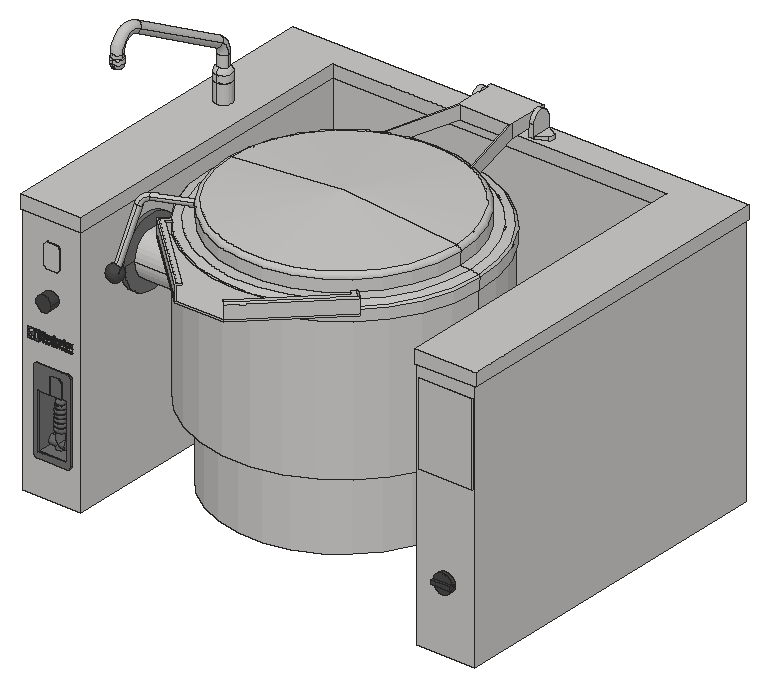
Revit family "QF_ELECTROLUXPROFESSIONAL_586916_PBOT10RCES", category Specialty Equipment, Revit 2018
Family settings
  Round Connector Dimension = Use Radius
  Part Type = Normal
  Work Plane-Based = No
  Always vertical = Yes
  Cut with Voids When Loaded = No
  Shared = Yes
  Room Calculation Point = No
Parameters (values of type "Standard")
  Weight = 210.00 kg
  Watts = 0 W
  Volts = 400 V
  URL Manufacturer = "http://professional.electrolux.com"
  URL = "http://professional.electrolux.com"
  Tilt Clearance [instance] = 1124 mm
  Steam Supply Size = 0"
  Steam Supply Minimum Pressure = 0.00 psi
  Steam Supply Maximum Pressure = 0.00 psi
  Steam Pounds per Hour = 0
  Show Logo [instance] = yes
  Refrigeration Suction Line Size = 0"
  Refrigeration Liquid Line Size = 0"
  Refrigerant Compressor Remote = yes
  Plinth Base Finish [instance] = QF_Finishes_Concrete
  Plinth Base [instance] = not(Base Height = 500 mm)  # yes
  Phase = 3
  Length Actual = 1200 mm  # constant formula
  Item Number = "586916"
  Hot Water Size = 1/2"
  Height Actual = 700 mm  # constant formula
  HP = "24.9 HP"
  Gas Size = 0"
  Gas KW = 0
  Gas Input Pressure = 0.0 Btu/h
  Direct Waste Size = 0"
  Depth Actual = 900 mm  # constant formula
  Cycle = 50 Hz
  Condensate Return Size = 0"
  Compressed Air Volume = 0 GPM
  Compressed Air Size = 0"
  Compressed Air Pressure = 0.00 psi
  Cold Water Size = 1/2"
  Assembly Code = ""
  Open Clearance [instance] = 856 mm
  Model = "PBOT10RCES"
  Manufacturer = "Electrolux Professional"
  Description = "EL. BOILING PAN,PREARR.FOR STIRRER, TILT.,AUTO H/C WATER FILL INLET,SPRAY GUN, 100L,H700FS,D900,REAR CLS KIT,GUID.COOK.S"
  Bracket [instance] = Base Height = 500 mm  # no
  Body Finish [instance] = QF_Finishes_Stainless Steel
  Base Height = 200 mm
  Show Clearance [instance] = yes
  Accessory = yes
Reference planes
  plane 1 "BACK": y = 100
  plane 2: z = 0
  plane 3 "LEFT": x = 0
  plane 4 "RIGHT": x = 1200
  plane 5 "FRONT": y = -800
  plane 6 "TOP": z = 900
  plane 7: z = 200
  plane 8 "Center": x = 600
  plane 9: z = 1756
  plane 10: y = -960
  plane 11 "Vessel X axis": y = -483
  plane 12: x = 280
  plane 13: y = -580
  plane 14: x = 280
  plane 15: through (0, 114.006, 947.95) normal (0, 0.281, -0.9597)
  plane 16: z = 505
  plane 17 "Top Level": z = 981
  plane 18: y = -1024
Forms (mm)
  Extrusion 1, solid, material "QF_Finishes_Stainless Steel" <- "Body Finish"
    sketch origin (0, 0, 900) x (-1, 0, 0) y (0, -1, 0)
      loop
        line (0, -100) -> (0, 800) -> (-160, 800) -> (-160, -31.55) -> (-1040, -31.55) -> (-1040, 800) -> (-1200, 800) -> (-1200, -100) -> (0, -100)
    from -35 to 0
  Extrusion 2, solid, material "QF_Finishes_Stainless Steel" <- "Body Finish"
    sketch origin (0, 0, 900) x (-1, 0, 0) y (0, -1, 0)
      loop
        line (-535, 960) -> (-665, 960) -> (-868.236, 765.434) -> (-847.007, 744.205)
        arc (-847.007, 744.205) -> (-600, 842.5) -> (-352.993, 744.205) r 359.5
        line (-352.993, 744.205) -> (-331.764, 765.434) -> (-535, 960)
    from 1.223 to 5.898
  Revolve 3, solid, material "QF_Finishes_Stainless Steel" <- "Body Finish"
    sketch origin (0, 50.89, 727.5) x (-1, 0, 0) y (0, -1, 0)
      loop
        line (-170, 573.89) -> (-170, 540.89) -> (-157, 540.89) -> (-157, 630.89) -> (-1043, 630.89) -> (-1043, 540.89) -> (-1030, 540.89) -> (-1030, 573.89) -> (-170, 573.89)
      axis (-1043, 630.89) -> (-157, 630.89)
    angle from 0 to 360
  Extrusion 4, solid, material "QF_Finishes_Stainless Steel" <- "Body Finish"
    sketch origin (0, 100, 0) x (1, 0, 0) y (0, 0, 1)
      loop
        circle (1120, 450) r 10
    from 3 to 0
  Extrusion 5, solid, material "QF_Finishes_Stainless Steel" <- "Body Finish"
    sketch origin (600, 0, 0) x (0, 1, 0) y (0, 0, 1)
      loop
        line (89, 900) -> (89, 935.1)
        arc (89, 935.1) -> (65, 959.1) -> (41, 935.1) r 24
        line (41, 935.1) -> (41, 900) -> (89, 900)
    from 69.2 to 82.1
  Revolve 6, solid, material "QF_Finishes_Stainless Steel" <- "Body Finish"
    sketch origin (0, -483, 0) x (-1, 0, 0) y (0, 0, 1)
      loop
        line (-600, 981) -> (-600, 912.336) -> (-291.999, 912.336) -> (-291.999, 943.013)
        arc (-291.999, 943.013) -> (-295.325, 951.663) -> (-303.589, 955.857) r 12.912
        arc (-303.589, 955.857) -> (-451.457, 972.404) -> (-600, 981) r 2774.321
      axis (-600, 981) -> (-600, 912.336)
    angle from 0 to 360
  Sweep 7, solid, material "QF_Finishes_Stainless Steel" <- "Body Finish"
    path in 3D
      loop
        line (665, -960, 905.898) -> (868.236, -765.434, 905.898) -> (847.007, -744.205, 905.898)
    profile origin (766.618, -862.717, 905.898) x (-0.691532, 0.722346, 0) y (0, 0, 1)
      loop
        line (0, 0) -> (2.5, 0) -> (2.5, 35.781)
        arc (2.5, 35.781) -> (3.003, 36.997) -> (4.219, 37.5) r 1.719
        line (4.219, 37.5) -> (15.312, 37.5) -> (15.312, 40) -> (4.052, 40)
        arc (4.052, 40) -> (1.187, 38.813) -> (0, 35.948) r 4.052
        line (0, 35.948) -> (0, 0)
  Extrusion 8, solid, material "QF_Finishes_Stainless Steel" <- "Body Finish"
    sketch origin (0, 100, 0) x (1, 0, 0) y (0, 0, 1)
      loop
        line (157, 865) -> (157, 500) -> (1043, 500) -> (1043, 865) -> (157, 865)
    from 3 to 65.418
  Extrusion 9, solid, material "QF_Finishes_Stainless Steel" <- "Body Finish"
    sketch origin (600, 0, 0) x (0, 1, 0) y (0, 0, 1)
      loop
        line (89, 900) -> (89, 935.1)
        arc (89, 935.1) -> (65, 959.1) -> (41, 935.1) r 24
        line (41, 935.1) -> (41, 900) -> (89, 900)
    from -82.1 to -69.2
  Extrusion 10, solid, material "QF_Finishes_Stainless Steel" <- "Body Finish"
    sketch origin (600, -4572, 981) x (0, -1, 0) y (-1, 0, 0)
      loop
        line (-4551, 64.871) -> (-4315.558, 127.227) -> (-4309.255, 132.754) -> (-4555.565, 69.2) -> (-4661, 69.2) -> (-4661, -69.2) -> (-4555.565, -69.2) -> (-4309.255, -132.754) -> (-4315.558, -127.227) -> (-4551, -64.871) -> (-4551, 64.871)
    from 25.143 to 59.002
  Sweep 11, solid, material "QF_Finishes_Stainless Steel" <- "Body Finish"
    path in 3D
      loop
        line (352.993, -744.205, 905.898) -> (331.764, -765.434, 905.898) -> (535, -960, 905.898)
    profile origin (433.382, -862.717, 905.898) x (0.691532, 0.722346, 0) y (0, 0, 1)
      loop
        line (0, 0) -> (2.5, 0) -> (2.5, 35.781)
        arc (2.5, 35.781) -> (3.003, 36.997) -> (4.219, 37.5) r 1.719
        line (4.219, 37.5) -> (15.313, 37.5) -> (15.313, 40) -> (4.052, 40)
        arc (4.052, 40) -> (1.187, 38.813) -> (0, 35.948) r 4.052
        line (0, 35.948) -> (0, 0)
  Extrusion 12, solid, material "QF_Finishes_Stainless Steel" <- "Body Finish"
    sketch origin (0, 0, 900) x (-1, 0, 0) y (0, -1, 0)
      loop
        arc (-708.472, -55.346) -> (-714.2, -65) -> (-708.472, -74.654) r 11
        line (-708.472, -74.654) -> (-682.1, -89.055) -> (-682.1, -40.945) -> (-708.472, -55.346)
      loop
        line (-491.528, -55.346) -> (-517.9, -40.945) -> (-517.9, -89.055) -> (-491.528, -74.654)
        arc (-491.528, -74.654) -> (-485.8, -65) -> (-491.528, -55.346) r 11
    from 0 to 8
  Revolve 13, solid, material "QF_Finishes_Stainless Steel" <- "Body Finish"
    sketch origin (0, -483, 0) x (-1, 0, 0) y (0, 0, 1)
      loop
        line (-600, 910.898) -> (-600, 280.154)
        arc (-600, 280.154) -> (-445.668, 285.184) -> (-291.5, 293.903) r 6458.267
        line (-291.5, 293.903) -> (-291.5, 495) -> (-245.5, 495) -> (-245.5, 870.866) -> (-240.5, 870.866) -> (-240.5, 899.23) -> (-244.882, 905.093) -> (-265.728, 910.898) -> (-600, 910.898)
      axis (-600, 910.898) -> (-600, 280.154)
    angle from 0 to 360
  Extrusion 14, solid, material "QF_Finishes_Stainless Steel" <- "Body Finish"
    sketch origin (1100, -797, 0) x (-1, 0, 0) y (0, 0, -1)
      loop
        line (50, -833.989) -> (50, -618.989) -> (-91.535, -618.989) -> (-91.535, -833.989) -> (50, -833.989)
      loop
        line (1029.661, -812.084) -> (1036.975, -804.77) -> (1036.975, -754.399) -> (1029.661, -747.084) -> (1004.29, -747.084) -> (996.975, -754.399) -> (996.975, -804.77) -> (1004.29, -812.084) -> (1029.661, -812.084)
    from 0 to 3
  Extrusion 15, solid, material "QF_Finishes_Black"
    sketch origin (1200, -797, -30) x (-1, 0, 0) y (0, 0, -1)
      loop
        circle (80.286, -405.28) r 25
    from 0 to 10.306
  Extrusion 16, solid, material "QF_Finishes_Black"
    sketch origin (1200, -797, -30) x (-1, 0, 0) y (0, 0, -1)
      loop
        arc (104.667, -410.806) -> (105.286, -405.28) -> (104.667, -399.753) r 25
        line (104.667, -399.753) -> (55.904, -399.753)
        arc (55.904, -399.753) -> (55.286, -405.28) -> (55.904, -410.806) r 25
        line (55.904, -410.806) -> (104.667, -410.806)
    from 0 to 18.276
  Extrusion 17, solid, material "QF_Finishes_Black"
    sketch origin (160, -797, 0) x (-1, 0, 0) y (0, 0, -1)
      loop
        circle (80.781, -678.5) r 20
    from 0 to 25
  Extrusion 18, solid, material "QF_Finishes_Stainless Steel" <- "Body Finish", visible <- "Bracket"
    sketch origin (0, 37, -14) x (0, 1, 0) y (0, 0, 1)
      loop
        line (60, 514) -> (-140, 514) -> (-140, 450) -> (-76.36, 386.36) -> (60, 386.36) -> (60, 514)
    from 25.741 to 134.773
  Extrusion 19, solid, material "QF_Finishes_Stainless Steel" <- "Body Finish", visible <- "Bracket"
    sketch origin (1200, 0, 0) x (0, 1, 0) y (0, 0, 1)
      loop
        line (97, 372.36) -> (97, 500) -> (-103, 500) -> (-103, 436) -> (-39.36, 372.36) -> (97, 372.36)
    from -133.886 to -23.363
  Extrusion 20, solid, material "QF_Finishes_Stainless Steel" <- "Body Finish"
    sketch origin (0, 100, 0) x (1, 0, 0) y (0, 0, 1)
      loop
        circle (50, 395) r 6.35
      loop
        circle (110.571, 395) r 6.35
    from 3 to 0
  Revolve 21, solid, material "QF_Finishes_Clearance", visible <- "Show Clearance", detail levels coarse
    sketch origin (600, 10.879, 0.726) x (0, 0.999996, 0.002845) y (0, -0.002845, 0.999996)
      loop
        line (-92.205, 1448.437) -> (-181.256, 1755.797) -> (-205.268, 1748.84) -> (-116.218, 1441.48) -> (-92.205, 1448.437)
      axis (-92.205, 1448.437) -> (-116.218, 1441.48)
    angle from 0 to 360
  Extrusion 22, solid, material "QF_Finishes_Stainless Steel" <- "Body Finish"
    sketch origin (0, 0, 0) x (1, 0, 0) y (0, 1, 0)
      loop
        line (157, 97) -> (3, 97) -> (3, -797) -> (157, -797) -> (157, 97)
      loop
        line (1197, 97) -> (1043, 97) -> (1043, -797) -> (1197, -797) -> (1197, 97)
    from 200 to 865
  Extrusion 23, solid, material "Navy Blue", visible <- "Show Logo"
    sketch origin (160, -797, 0) x (-1, 0, 0) y (0, 0, -1)
      loop
        line (101.332, -593.18) -> (109.793, -593.18) -> (109.793, -583.327)
        arc (109.793, -583.327) -> (108.679, -580.639) -> (105.991, -579.525) r 3.802
        line (105.991, -579.525) -> (101.168, -579.525) -> (101.168, -581.736) -> (105.441, -581.736)
        arc (105.441, -581.736) -> (106.845, -582.21) -> (107.442, -583.566) r 1.838
        line (107.442, -583.566) -> (107.442, -585.52) -> (101.698, -585.52) -> (101.698, -587.738) -> (107.442, -587.738) -> (107.442, -590.968) -> (101.332, -590.968) -> (101.332, -593.18)
      loop
        line (99.498, -593.18) -> (99.498, -579.525) -> (97.146, -579.525) -> (97.146, -593.18) -> (99.498, -593.18)
      loop
        line (48.417, -593.18) -> (48.417, -579.525) -> (46.064, -579.525) -> (46.064, -593.18) -> (48.417, -593.18)
      loop
        line (93.257, -583.886) -> (85.539, -583.886)
        arc (85.539, -583.886) -> (86.746, -588.126) -> (90.874, -589.672) r 4.89
        arc (90.874, -589.672) -> (94.51, -587.828) -> (95.548, -583.886) r 4.976
        arc (95.548, -583.886) -> (94.182, -580.589) -> (90.886, -579.224) r 4.662
        arc (90.886, -579.224) -> (88.32, -579.602) -> (86.169, -581.05) r 5.86
        line (86.169, -581.05) -> (87.562, -582.444)
        arc (87.562, -582.444) -> (89.391, -581.347) -> (91.516, -581.531) r 3.458
        arc (91.516, -581.531) -> (92.812, -582.394) -> (93.257, -583.886) r 2.29
      loop
        line (93.198, -585.539) -> (87.902, -585.539)
        arc (87.902, -585.539) -> (88.645, -587.103) -> (90.278, -587.679) r 2.256
        arc (90.278, -587.679) -> (92.162, -587.188) -> (93.198, -585.539) r 2.64
      loop
        line (76.371, -586.524) -> (74.894, -588)
        arc (74.894, -588) -> (76.746, -589.341) -> (78.997, -589.742) r 5.117
        arc (78.997, -589.742) -> (82.429, -588.487) -> (84.231, -585.308) r 5.293
        arc (84.231, -585.308) -> (81.194, -579.733) -> (74.977, -581.018) r 5.33
        line (74.977, -581.018) -> (76.446, -582.487)
        arc (76.446, -582.487) -> (79.616, -581.438) -> (81.887, -583.886) r 3.088
        arc (81.887, -583.886) -> (81.729, -585.821) -> (80.396, -587.234) r 2.933
        arc (80.396, -587.234) -> (78.264, -587.559) -> (76.371, -586.524) r 3.369
      loop
        line (73.45, -593.18) -> (73.45, -583.849)
        arc (73.45, -583.849) -> (73.246, -582.449) -> (72.722, -581.135) r 6.031
        arc (72.722, -581.135) -> (71.044, -579.8) -> (68.918, -579.519) r 4.018
        line (68.918, -579.519) -> (68.918, -581.723)
        arc (68.918, -581.723) -> (69.55, -581.771) -> (70.139, -582.005) r 2.118
        arc (70.139, -582.005) -> (70.895, -582.804) -> (71.098, -583.886) r 1.949
        line (71.098, -583.886) -> (71.098, -587.265) -> (68.962, -587.265) -> (68.962, -589.401) -> (71.098, -589.401) -> (71.098, -593.18) -> (73.45, -593.18)
      loop
        arc (64.65, -584.717) -> (64.482, -585.701) -> (63.997, -586.574) r 2.967
        arc (63.997, -586.574) -> (62.588, -587.297) -> (61.004, -587.265) r 3.231
        line (61.004, -587.265) -> (61.004, -589.525)
        arc (61.004, -589.525) -> (63.073, -589.33) -> (64.65, -587.977) r 3.432
        line (64.65, -587.977) -> (64.65, -589.401) -> (66.983, -589.401) -> (66.983, -579.525) -> (64.65, -579.525) -> (64.65, -584.717)
      loop
        circle (55.254, -584.461) r 5.233
      loop
        circle (55.254, -584.461) r 3.172
      loop
        arc (37.582, -583.638) -> (38.162, -582.041) -> (39.738, -581.405) r 2.088
        arc (39.738, -581.405) -> (41.313, -582.041) -> (41.894, -583.638) r 2.088
        line (41.894, -583.638) -> (41.894, -589.401) -> (44.266, -589.401) -> (44.266, -583.442)
        arc (44.266, -583.442) -> (42.916, -580.365) -> (39.738, -579.275) r 4.181
        arc (39.738, -579.275) -> (36.524, -580.398) -> (35.211, -583.539) r 4.181
        line (35.211, -583.539) -> (35.211, -589.401) -> (37.582, -589.401) -> (37.582, -583.638)
      loop
        line (33.789, -589.401) -> (30.374, -584.764) -> (34.126, -579.522) -> (31.598, -579.522) -> (29.107, -583.001) -> (26.58, -579.522) -> (24.068, -579.522) -> (27.767, -584.817) -> (24.385, -589.401) -> (26.952, -589.401) -> (29.115, -586.469) -> (31.245, -589.401) -> (33.789, -589.401)
      loop
        line (108.47, -573.865) -> (110.346, -573.865) -> (110.346, -569.143) -> (109.319, -569.143) -> (109.319, -570.769) -> (108.185, -570.769)
        arc (108.185, -570.769) -> (106.916, -572.447) -> (108.47, -573.865) r 1.561
      loop
        arc (108.23, -571.697) -> (107.841, -572.304) -> (108.23, -572.911) r 0.668
        line (108.23, -572.911) -> (109.319, -572.911) -> (109.319, -571.697) -> (108.23, -571.697)
      loop
        line (101.061, -573.865) -> (102.968, -573.865) -> (102.968, -569.143) -> (101.942, -569.143) -> (101.942, -570.769) -> (100.949, -570.769) -> (100.27, -569.143) -> (99.168, -569.143) -> (100.097, -571.134)
        arc (100.097, -571.134) -> (99.652, -571.665) -> (99.502, -572.343) r 1.458
        arc (99.502, -572.343) -> (99.971, -573.421) -> (101.061, -573.865) r 1.559
      loop
        line (101.942, -572.911) -> (101.942, -571.697) -> (100.852, -571.697)
        arc (100.852, -571.697) -> (100.464, -572.304) -> (100.852, -572.911) r 0.668
        line (100.852, -572.911) -> (101.942, -572.911)
      loop
        circle (93.139, -571.504) r 2.453
      loop
        circle (93.139, -571.504) r 1.557
      loop
        line (86.655, -573.865) -> (86.655, -569.143) -> (85.654, -569.143) -> (85.654, -570.793) -> (83.876, -570.793) -> (83.876, -571.851) -> (85.654, -571.851) -> (85.654, -572.847) -> (83.706, -572.847) -> (83.706, -573.865) -> (86.655, -573.865)
      loop
        line (79.724, -573.865) -> (79.724, -570.677)
        arc (79.724, -570.677) -> (79.288, -569.596) -> (78.213, -569.146) r 1.51
        line (78.213, -569.146) -> (76.689, -569.146) -> (76.689, -570.038) -> (78.122, -570.038)
        arc (78.122, -570.038) -> (78.65, -570.475) -> (78.753, -571.151) r 0.961
        line (78.753, -571.151) -> (76.866, -571.151) -> (76.866, -572.043) -> (78.753, -572.043) -> (78.753, -572.973) -> (76.735, -572.973) -> (76.735, -573.865) -> (79.724, -573.865)
      loop
        arc (62.624, -573.267) -> (63.249, -573.78) -> (64.041, -573.943) r 1.69
        arc (64.041, -573.943) -> (64.773, -573.764) -> (65.374, -573.31) r 1.872
        arc (65.374, -573.31) -> (65.486, -572.238) -> (64.794, -571.411) r 1.385
        arc (64.794, -571.411) -> (64.212, -571.217) -> (63.66, -570.95) r 4.78
        arc (63.66, -570.95) -> (63.312, -570.539) -> (63.552, -570.057) r 0.489
        arc (63.552, -570.057) -> (63.998, -569.952) -> (64.442, -570.065) r 0.963
        arc (64.442, -570.065) -> (64.826, -570.341) -> (65.061, -570.752) r 1.118
        line (65.061, -570.752) -> (65.887, -570.367)
        arc (65.887, -570.367) -> (65.589, -569.793) -> (65.11, -569.36) r 1.815
        arc (65.11, -569.36) -> (64.566, -569.127) -> (63.978, -569.068) r 1.957
        arc (63.978, -569.068) -> (63.25, -569.213) -> (62.595, -569.561) r 2.556
        arc (62.595, -569.561) -> (62.305, -570.331) -> (62.455, -571.139) r 1.535
        arc (62.455, -571.139) -> (62.778, -571.512) -> (63.19, -571.781) r 1.779
        arc (63.19, -571.781) -> (63.712, -572.014) -> (64.248, -572.215) r 9.371
        arc (64.248, -572.215) -> (64.557, -572.696) -> (64.11, -573.053) r 0.427
        arc (64.11, -573.053) -> (63.575, -572.924) -> (63.163, -572.558) r 1.135
        line (63.163, -572.558) -> (62.624, -573.267)
      loop
        line (58.291, -573.865) -> (58.291, -569.146) -> (57.321, -569.146) -> (57.321, -573.865) -> (58.291, -573.865)
      loop
        circle (50.779, -571.506) r 1.468
      loop
        circle (50.779, -571.506) r 2.451
      loop
        line (44.27, -569.146) -> (43.289, -569.146) -> (43.289, -572.113) -> (41.131, -569.146) -> (40.187, -569.146) -> (40.187, -573.865) -> (41.168, -573.865) -> (41.168, -570.808) -> (43.326, -573.865) -> (44.27, -573.865) -> (44.27, -569.146)
      loop
        line (35.295, -569.146) -> (34.836, -570.164) -> (33.09, -570.164) -> (32.631, -569.146) -> (31.588, -569.146) -> (33.581, -573.865) -> (34.491, -573.865) -> (36.337, -569.146) -> (35.295, -569.146)
      loop
        line (33.526, -571.132) -> (33.993, -572.169) -> (34.447, -571.132) -> (33.526, -571.132)
      loop
        line (26.769, -570.038) -> (26.769, -573.865) -> (27.739, -573.865) -> (27.739, -569.146) -> (24.954, -569.146) -> (24.954, -570.038) -> (26.769, -570.038)
      loop
        arc (69.698, -573.267) -> (70.324, -573.78) -> (71.116, -573.943) r 1.69
        arc (71.116, -573.943) -> (71.847, -573.764) -> (72.449, -573.31) r 1.872
        arc (72.449, -573.31) -> (72.56, -572.238) -> (71.868, -571.411) r 1.385
        arc (71.868, -571.411) -> (71.287, -571.217) -> (70.735, -570.95) r 4.78
        arc (70.735, -570.95) -> (70.386, -570.539) -> (70.627, -570.057) r 0.489
        arc (70.627, -570.057) -> (71.073, -569.952) -> (71.517, -570.065) r 0.963
        arc (71.517, -570.065) -> (71.901, -570.341) -> (72.136, -570.752) r 1.118
        line (72.136, -570.752) -> (72.961, -570.367)
        arc (72.961, -570.367) -> (72.664, -569.793) -> (72.184, -569.36) r 1.815
        arc (72.184, -569.36) -> (71.64, -569.127) -> (71.052, -569.068) r 1.957
        arc (71.052, -569.068) -> (70.325, -569.213) -> (69.669, -569.561) r 2.556
        arc (69.669, -569.561) -> (69.38, -570.331) -> (69.529, -571.139) r 1.535
        arc (69.529, -571.139) -> (69.852, -571.512) -> (70.265, -571.781) r 1.779
        arc (70.265, -571.781) -> (70.787, -572.014) -> (71.322, -572.215) r 9.371
        arc (71.322, -572.215) -> (71.632, -572.696) -> (71.185, -573.053) r 0.427
        arc (71.185, -573.053) -> (70.649, -572.924) -> (70.238, -572.558) r 1.135
        line (70.238, -572.558) -> (69.698, -573.267)
      loop
        line (124.467, -593.367) -> (124.467, -568.534)
        arc (124.467, -568.534) -> (115.287, -580.95) -> (124.467, -593.367) r 12.987
      loop
        arc (125.423, -593.446) -> (135.891, -591.227) -> (141.022, -581.837) r 12.809
        line (141.022, -581.837) -> (135.422, -581.837)
        arc (135.422, -581.837) -> (128.84, -585.012) -> (125.423, -591.472) r 11.707
        line (125.423, -591.472) -> (125.423, -593.446)
      loop
        arc (125.73, -570.332) -> (129.585, -577.251) -> (136.925, -580.23) r 11.93
        line (136.925, -580.23) -> (141.033, -580.23)
        arc (141.033, -580.23) -> (136.066, -570.804) -> (125.73, -568.215) r 13.06
        line (125.73, -568.215) -> (125.73, -570.332)
      loop
        line (141.976, -594.722) -> (141.976, -567.122) -> (114.339, -567.122) -> (114.339, -594.722) -> (141.976, -594.722)
    from 0 to 0.697
  Extrusion 24, void
    sketch origin (0, -800, 0) x (1, 0, 0) y (0, 0, 1)
      loop
        line (125.4, 500.944) -> (43.4, 500.944) -> (43.4, 305.944) -> (125.4, 305.944) -> (125.4, 500.944)
    from 0 to -63
Cuts and joins
  joined: Revolve 6, Extrusion 10
  Extrusion 24 cuts Extrusion 22
Lines and regions (mm)
  Split face 1
    outline origin (1100, -800, 0) x (-1, 0, 0) y (0, 0, -1)
      loop
        line (44.321, -826.533) -> (44.321, -691.533) -> (-84.715, -691.533) -> (-84.715, -826.533) -> (44.321, -826.533)
  Split face 2
    outline origin (1100, -800, 0) x (-1, 0, 0) y (0, 0, -1)
      loop
        line (44.321, -691.533) -> (44.321, -625.535) -> (-84.715, -625.535) -> (-84.715, -691.533) -> (44.321, -691.533)
  Split face 3
    outline origin (1100, -800, 0) x (-1, 0, 0) y (0, 0, -1)
      loop
        line (35.153, -818.972) -> (35.153, -698.972) -> (-73.882, -698.972) -> (-73.882, -818.972) -> (35.153, -818.972)
  Split face 4
    outline origin (1100, -800, 0) x (-1, 0, 0) y (0, 0, -1)
      loop
        line (1029.036, -812.084) -> (1036.35, -804.77) -> (1036.35, -754.399) -> (1029.036, -747.084) -> (1029.036, -812.084)
  Split face 5
    outline origin (-933.951, -800, 0) x (1, 0, 0) y (0, 0, 1)
      loop
        line (1029.036, 812.084) -> (1029.036, 747.084) -> (1036.35, 754.399) -> (1036.35, 804.77) -> (1029.036, 812.084)
  sketch lines
    curve 1: line (665, -960, 905.898) -> (868.236, -765.434, 905.898)
    curve 2: line (868.236, -765.434, 905.898) -> (847.007, -744.205, 905.898)
    curve 3: line (331.764, -765.434, 905.898) -> (535, -960, 905.898)
    curve 4: line (352.993, -744.205, 905.898) -> (331.764, -765.434, 905.898)
  symbolic lines
    curve 5: line (170, -490, 0) -> (160, -490, 0)
    curve 6: line (170, -490, 0) -> (170, -670, 0)
    curve 7: line (170, -670, 0) -> (160, -670, 0)
    curve 8: line (1030, -490, 0) -> (1040, -490, 0)
    curve 9: line (1030, -490, 0) -> (1030, -670, 0)
    curve 10: line (1030, -670, 0) -> (1040, -670, 0)
    curve 11: line (1030, -523.539, 0) -> (957.207, -523.539, 0)
    curve 12: line (1030, -636.461, 0) -> (925.1, -636.461, 0)
    curve 13: line (170, -523.539, 0) -> (242.793, -523.539, 0)
    curve 14: line (170, -636.461, 0) -> (274.9, -636.461, 0)
    curve 15: line (160, -800, 0) -> (160, 31.55, 0)
    curve 16: line (0, -800, 0) -> (160, -800, 0)
    curve 17: line (0, 100, 0) -> (0, -800, 0)
    curve 18: line (160, 31.55, 0) -> (530.8, 31.55, 0)
    curve 19: line (1200, 100, 0) -> (0, 100, 0)
    curve 20: line (1040, 31.55, 0) -> (1040, -800, 0)
    curve 21: line (1200, -800, 0) -> (1200, 100, 0)
    curve 22: line (1040, -800, 0) -> (1200, -800, 0)
    curve 23: circle (600, -483, 0) r 359.5 normal (0, 0, 1)
    curve 24: line (669.2, 31.55, 0) -> (1040, 31.55, 0)
    curve 25: line (545.589, -948.939, 0) -> (353.658, -765.195, 0)
    curve 26: line (353.658, -765.195, 0) -> (364.355, -754.499, 0)
    curve 27: line (535, -960, 0) -> (545.589, -948.939, 0)
    curve 28: line (665, -960, 0) -> (654.411, -948.939, 0)
    curve 29: line (846.342, -765.195, 0) -> (654.411, -948.939, 0)
    curve 30: line (835.645, -754.499, 0) -> (846.342, -765.195, 0)
  model lines, style "QF-Clearances", visible <- "Show Clearance", detail levels coarse
    curve 31: arc (600, -960, 954.089) -> (600, -1008.605, 614.371) -> (600, -800, 341.874) r 443
  symbolic lines, style "QF-Clearances", visible <- "Show Clearance", detail levels coarse
    curve 32: line (350, -450, 0) -> (850, -450, 0)
    curve 33: line (350, -1650, 0) -> (350, -450, 0)
    curve 34: line (850, -1650, 0) -> (350, -1650, 0)
    curve 35: line (850, -450, 0) -> (850, -1650, 0)
    curve 36: line (650, -1650, 0) -> (850, -1050, 0)
    curve 37: line (550, -1650, 0) -> (350, -1050, 0)
    curve 38: circle (600, -1600, 0) r 25 normal (0, 0, 1)
Dimensions and locks
  plane 3 "LEFT" to plane 4 "RIGHT" = 1200 mm
  plane 4 "RIGHT" to plane 3 "LEFT" = 1200 mm
  plane 1 "BACK" to plane 5 "FRONT" = 900 mm
  plane 5 "FRONT" to plane 1 "BACK" = 900 mm
  "Base Height": plane 7 to level
  equal spacing: plane 3 "LEFT", plane 8 "Center", plane 4 "RIGHT"
  "Open Clearance": plane 9 to plane 6 "TOP"
  locked: Extrusion 8 sketch curve to Extrusion 8 sketch curve at 365
  plane 4 "RIGHT" to Extrusion 4 sketch curve = 80 mm
  plane 6 "TOP" to Extrusion 4 sketch curve = 450 mm
  locked: Extrusion 2 sketch curve to Extrusion 2 sketch curve at 30.022  (x2)
  equal spacing: Extrusion 10 sketch curve, plane 8 "Center", Extrusion 10 sketch curve
  locked: Extrusion 10 sketch curve to Extrusion 10 sketch curve at 138.4
  Extrusion 10 sketch curve to Extrusion 10 sketch curve to plane 1 "BACK" = 110 mm locked, 11 mm locked
  plane 11 "Vessel X axis" to Revolve 3 sketch curve = 97 mm
  Revolve 3 sketch curve to Revolve 3 sketch curve to Revolve 3 sketch curve to Revolve 3 sketch curve = 33 mm locked, 57 mm locked, 0 mm locked
  plane 11 "Vessel X axis" to plane 13 = 97 mm
  equal spacing: curve 5, plane 13, curve 7
  locked: curve 5 to curve 7 at 180
  equal spacing: curve 11, plane 13, curve 12
  locked: curve 11 to curve 12 at 112.922
  plane 14 to plane 8 "Center" = 320 mm
  Revolve 13 sketch curve to Revolve 13 sketch curve to Revolve 13 sketch curve to Revolve 13 sketch curve to plane 14 = 4.382 mm locked, 0.618 mm locked, 20.228 mm locked, 14.272 mm locked
  plane 12 to plane 8 "Center" = 320 mm
  Revolve 6 sketch curve to Revolve 6 sketch curve to plane 12 = 11.59 mm locked, 11.999 mm locked
  Extrusion 16 sketch curve to Extrusion 16 sketch curve = 11.053 mm
  Extrusion 18 sketch curve to Extrusion 18 sketch curve to Extrusion 18 sketch curve = 64 mm locked, 63.64 mm locked
  Extrusion 19 sketch curve to Extrusion 19 sketch curve to Extrusion 19 sketch curve = 64 mm locked, 63.64 mm locked
  plane 6 "TOP" to Extrusion 14 sketch curve to Extrusion 14 sketch curve = 66.011 mm locked, 215 mm locked
  plane 6 "TOP" to Extrusion 14 sketch curve to Extrusion 14 sketch curve to Extrusion 14 sketch curve to Extrusion 14 sketch curve = 87.916 mm locked, 7.315 mm locked, 50.371 mm, 7.315 mm locked
  plane 6 "TOP" to level = 900 mm
  locked: level to Extrusion 18 sketch curve at 372.36
  locked: Extrusion 19 sketch curve to level at 372.36
  locked: Extrusion 15 sketch curve to level at 375.28
  locked: Extrusion 16 sketch curve to level at 369.753
  locked: Extrusion 20 sketch curve to level at 395
  Extrusion 10 sketch curve to Extrusion 10 sketch curve to plane 11 "Vessel X axis" = 6.303 mm, 220.255 mm
  Extrusion 10 sketch curve to Extrusion 10 sketch curve to plane 11 "Vessel X axis" = 6.303 mm locked, 220.255 mm locked
  Revolve 21 sketch curve to Revolve 21 sketch curve = 320 mm
  locked: Extrusion 1 to Revolve 21 sketch curve at 23.726
  plane 11 "Vessel X axis" to plane 1 "BACK" = 583 mm
  plane 10 to plane 1 "BACK" = 1060 mm
  plane 16 to Revolve 13 sketch curve to Revolve 13 sketch curve to Revolve 13 sketch curve = 10 mm locked, 201.097 mm locked, 13.748 mm locked
  plane 17 "Top Level" to Revolve 6 sketch curve to Revolve 6 sketch curve to Revolve 6 sketch curve = 25.143 mm locked, 12.844 mm locked, 30.677 mm locked
  plane 17 "Top Level" to Revolve 13 sketch curve to Revolve 13 sketch curve to Revolve 13 sketch curve to Revolve 13 sketch curve = 70.102 mm locked, 5.805 mm locked, 5.863 mm locked, 28.364 mm locked
  plane 6 "TOP" to plane 16 = 395 mm
  plane 17 "Top Level" to nested 1 = 45.299 mm
  plane 17 "Top Level" to Extrusion 2 to Extrusion 2 = 75.102 mm locked, 4.675 mm locked
  plane 17 "Top Level" to plane 6 "TOP" = 81 mm
  locked: Extrusion 5 sketch curve to plane 17 "Top Level" at 45.9
  locked: Extrusion 9 sketch curve to plane 17 "Top Level" at 45.9
  plane 11 "Vessel X axis" to nested 1 = 320 mm
  "Tilt Clearance": plane 18 to plane 1 "BACK"
  locked: curve 31 to plane 17 "Top Level" at 26.911
  locked: curve 32 to plane 1 "BACK" at 550
  locked: plane 1 "BACK" to curve 34 at 1750
  equal spacing: curve 33, plane 8 "Center", curve 35
  locked: curve 33 to curve 35 at 500
  angle plane 9 to Revolve 21 sketch curve = 16.3208°
  aligned and locked: level to plane 2
  aligned and locked: Extrusion 8 to Extrusion 1
  aligned and locked: plane 10 to Extrusion 2 sketch curve
  aligned and locked: plane 8 "Center" to Revolve 6 sketch curve  (x2)
  aligned and locked: Revolve 3 sketch curve to Revolve 3 sketch curve
  aligned and locked: Revolve 3 to Revolve 3  (x2)
  aligned and locked: curve 15 to Extrusion 1
  aligned and locked: curve 6 to Revolve 3
  aligned and locked: curve 20 to Extrusion 1
  aligned and locked: curve 9 to Revolve 3
  aligned and locked: curve 12 to curve 14
  aligned and locked: curve 11 to curve 13
  aligned and locked: curve 5 to curve 8
  aligned and locked: curve 7 to curve 10
  aligned and locked: curve 23 to Revolve 13
  aligned and locked: Extrusion 2 sketch curve to Revolve 13
  aligned and locked: curve 25 to Sweep 11
  aligned and locked: curve 26 to Sweep 11
  aligned and locked: curve 27 to Sweep 11
  aligned and locked: curve 28 to Sweep 7
  aligned and locked: curve 29 to Sweep 7
  aligned and locked: curve 30 to Sweep 7
  aligned and locked: plane 17 "Top Level" to Revolve 6 sketch curve
  aligned and locked: plane 5 "FRONT" to curve 31
  aligned and locked: plane 10 to curve 31
Automatic sketch dimensions
  curve 31 to plane 13 = 0 mm
  curve 31 to plane 6 "TOP" = 173.615 mm
  plane 8 "Center" to Extrusion 2 sketch curve = 65 mm
  Extrusion 2 sketch curve to plane 5 "FRONT" = 55.795 mm  (x2)
  Extrusion 2 sketch curve to plane 5 "FRONT" = 34.566 mm  (x2)
  Extrusion 2 sketch curve to plane 8 "Center" = 65 mm
  Extrusion 5 sketch curve to plane 6 "TOP" = 0 mm
  plane 1 "BACK" to Extrusion 5 sketch curve = 59 mm
  Extrusion 5 sketch curve to Extrusion 5 sketch curve = 24 mm
  Extrusion 9 sketch curve to plane 6 "TOP" = 0 mm
  plane 1 "BACK" to Extrusion 9 sketch curve = 59 mm
  Extrusion 9 sketch curve to Extrusion 9 sketch curve = 24 mm
  Extrusion 10 sketch curve to Extrusion 10 sketch curve = 4.565 mm  (x2)
  Extrusion 10 sketch curve to plane 8 "Center" = 127.227 mm
  Extrusion 10 sketch curve to Extrusion 10 sketch curve = 5.527 mm  (x2)
  Extrusion 10 sketch curve to Extrusion 10 sketch curve = 4.329 mm  (x2)
  plane 8 "Center" to Extrusion 10 sketch curve = 127.227 mm
  plane 1 "BACK" to Extrusion 12 sketch curve = 44.654 mm  (x2)
  plane 8 "Center" to Extrusion 12 sketch curve = 108.472 mm
  plane 1 "BACK" to Extrusion 12 sketch curve = 25.346 mm  (x2)
  Extrusion 12 sketch curve to Extrusion 12 sketch curve = 0 mm
  Extrusion 12 sketch curve to Extrusion 12 sketch curve = 5.272 mm  (x3)
  Extrusion 12 sketch curve to Extrusion 12 sketch curve = 26.372 mm
  plane 1 "BACK" to Extrusion 12 sketch curve = 10.945 mm  (x2)
  Extrusion 12 sketch curve to plane 8 "Center" = 82.1 mm
  Extrusion 12 sketch curve to Extrusion 12 sketch curve = 21.1 mm
  Extrusion 12 sketch curve to Extrusion 12 sketch curve = 14.4 mm  (x2)
  Revolve 13 sketch curve to plane 8 "Center" = 0 mm  (x2)
  plane 8 "Center" to Revolve 13 sketch curve = 133.193 mm
  Revolve 13 sketch curve to Revolve 13 sketch curve = 46 mm
  Revolve 13 sketch curve to Revolve 13 sketch curve = 10.857 mm
  Revolve 13 sketch curve to Revolve 13 sketch curve = 35 mm
  Extrusion 15 sketch curve to plane 4 "RIGHT" = 80.286 mm
  Extrusion 16 sketch curve to Extrusion 16 sketch curve = 0 mm  (x3)
  Extrusion 16 sketch curve to plane 4 "RIGHT" = 55.904 mm
  Extrusion 16 sketch curve to Extrusion 16 sketch curve = 24.382 mm  (x2)
  plane 1 "BACK" to Extrusion 18 sketch curve = 203 mm
  Extrusion 18 sketch curve to Extrusion 18 sketch curve = 63.64 mm
  plane 1 "BACK" to Extrusion 18 sketch curve = 3 mm
  plane 1 "BACK" to Extrusion 19 sketch curve = 203 mm
  Extrusion 19 sketch curve to Extrusion 19 sketch curve = 63.64 mm
  plane 1 "BACK" to Extrusion 19 sketch curve = 3 mm
  plane 10 to curve 27 = 0 mm
  curve 38 to plane 8 "Center" = 0 mm
  plane 10 to curve 28 = 0 mm
  curve 22 to plane 4 "RIGHT" = 0 mm
  plane 5 "FRONT" to curve 20 = 0 mm
  plane 5 "FRONT" to curve 17 = 0 mm
  plane 1 "BACK" to curve 19 = 0 mm
  curve 36 to curve 38 = 50 mm
  plane 1 "BACK" to curve 15 = 68.45 mm
  plane 1 "BACK" to curve 20 = 68.45 mm
  curve 18 to plane 8 "Center" = 69.2 mm
  curve 37 to plane 8 "Center" = 50 mm
  plane 8 "Center" to curve 36 = 50 mm
  plane 8 "Center" to curve 24 = 69.2 mm
  plane 18 to curve 37 = 26 mm
  plane 18 to curve 36 = 26 mm
  Extrusion 1 sketch curve to plane 4 "RIGHT" = 0 mm
  plane 5 "FRONT" to Extrusion 1 sketch curve = 0 mm  (x2)
  Extrusion 1 sketch curve to plane 3 "LEFT" = 0 mm
  plane 1 "BACK" to Extrusion 1 sketch curve = 0 mm
  Extrusion 1 sketch curve to plane 4 "RIGHT" = 160 mm
  plane 1 "BACK" to Extrusion 1 sketch curve = 68.45 mm
  plane 3 "LEFT" to Extrusion 1 sketch curve = 160 mm
  Revolve 3 sketch curve to plane 4 "RIGHT" = 157 mm
  Revolve 3 sketch curve to Revolve 3 sketch curve = 13 mm  (x2)
  plane 3 "LEFT" to Revolve 3 sketch curve = 170 mm
  Revolve 3 sketch curve to Revolve 3 sketch curve = 3 mm
  Revolve 3 sketch curve to Revolve 3 sketch curve = 27 mm
  plane 8 "Center" to Revolve 6 sketch curve = 85.945 mm
  plane 7 to Revolve 6 sketch curve = 208.515 mm
  Revolve 6 sketch curve to plane 6 "TOP" = 21.485 mm
  Sweep 7 sketch curve to profile plane = 0 mm
  profile plane to Sweep 7 sketch curve = 0 mm
  Sweep 7 sketch curve to profile plane = 2.5 mm
  Sweep 7 sketch curve to profile plane = 4.052 mm
  Sweep 7 sketch curve to Sweep 7 sketch curve = 0.167 mm  (x2)
  Sweep 7 sketch curve to Sweep 7 sketch curve = 11.093 mm
  profile plane to Sweep 7 sketch curve = 35.781 mm
  plane 3 "LEFT" to Extrusion 8 sketch curve = 157 mm
  Extrusion 8 sketch curve to plane 4 "RIGHT" = 157 mm
  plane 7 to Extrusion 8 sketch curve = 300 mm
  Sweep 11 sketch curve to profile plane = 0 mm  (x2)
  Sweep 11 sketch curve to Sweep 11 sketch curve = 2.5 mm
  Sweep 11 sketch curve to profile plane = 4.052 mm
  Sweep 11 sketch curve to Sweep 11 sketch curve = 0.167 mm  (x2)
  Sweep 11 sketch curve to Sweep 11 sketch curve = 11.093 mm
  profile plane to Sweep 11 sketch curve = 35.781 mm
  Extrusion 14 sketch curve to plane 4 "RIGHT" = 8.465 mm
  Extrusion 14 sketch curve to Extrusion 14 sketch curve = 141.535 mm
  plane 3 "LEFT" to Extrusion 14 sketch curve = 103.025 mm
  Extrusion 14 sketch curve to Extrusion 14 sketch curve = 7.315 mm  (x5)
  Extrusion 14 sketch curve to Extrusion 14 sketch curve = 25.371 mm  (x2)
  Split face 1 sketch curve to Extrusion 14 = 6.821 mm
  Split face 1 sketch curve to Extrusion 14 = 5.679 mm
  Split face 1 sketch curve to Extrusion 14 = 7.456 mm
  Extrusion 14 to Split face 1 sketch curve = 55.552 mm
  Split face 2 sketch curve to Extrusion 14 = 6.821 mm
  Split face 2 sketch curve to Extrusion 14 = 5.679 mm
  Extrusion 14 to Split face 2 sketch curve = 55.552 mm
  Split face 2 sketch curve to Extrusion 14 = 6.547 mm
  Extrusion 14 to Split face 3 sketch curve = 6.887 mm
  Split face 3 sketch curve to Extrusion 14 = 17.653 mm
  Split face 3 sketch curve to Extrusion 14 = 14.847 mm
  Extrusion 14 to Split face 3 sketch curve = 48.113 mm
  Split face 4 sketch curve to Extrusion 14 = 0 mm  (x2)
  Split face 4 sketch curve to Extrusion 14 = 7.94 mm
  Split face 4 sketch curve to Extrusion 14 = 0.625 mm
  Split face 4 sketch curve to Extrusion 14 = 7.315 mm  (x2)
  Split face 5 sketch curve to Extrusion 14 = 0 mm  (x2)
  Split face 5 sketch curve to Extrusion 14 = 7.94 mm
  Split face 5 sketch curve to Extrusion 14 = 0.625 mm
  Split face 5 sketch curve to Extrusion 14 = 7.315 mm  (x2)
  plane 3 "LEFT" to Extrusion 17 sketch curve = 79.219 mm
  Extrusion 17 sketch curve to plane 6 "TOP" = 221.5 mm
  plane 3 "LEFT" to Extrusion 20 sketch curve = 50 mm
  Extrusion 20 sketch curve to Extrusion 20 sketch curve = 60.571 mm
  Extrusion 20 sketch curve to Extrusion 20 sketch curve = 0 mm
  Revolve 21 sketch curve to plane 9 = 0 mm
  Revolve 21 sketch curve to Revolve 21 sketch curve = 24.012 mm
  Revolve 21 sketch curve to Revolve 21 sketch curve = 0 mm  (x4)
  plane 3 "LEFT" to Extrusion 22 sketch curve = 3 mm
  plane 1 "BACK" to Extrusion 22 sketch curve = 3 mm  (x2)
  Extrusion 22 sketch curve to Extrusion 22 sketch curve = 154 mm
  Extrusion 22 sketch curve to plane 4 "RIGHT" = 157 mm
  Extrusion 22 sketch curve to plane 4 "RIGHT" = 3 mm
  Extrusion 22 sketch curve to plane 5 "FRONT" = 3 mm  (x2)
  Extrusion 23 sketch curve to Extrusion 23 sketch curve = 0 mm  (x33)
  plane 3 "LEFT" to Extrusion 23 sketch curve = 135.932 mm
  Extrusion 23 sketch curve to Extrusion 23 sketch curve = 0.317 mm
  Extrusion 23 sketch curve to Extrusion 23 sketch curve = 0.886 mm
  Extrusion 23 sketch curve to Extrusion 23 sketch curve = 2.512 mm
  Extrusion 23 sketch curve to Extrusion 23 sketch curve = 1.815 mm
  Extrusion 23 sketch curve to Extrusion 23 sketch curve = 2.567 mm
  Extrusion 23 sketch curve to Extrusion 23 sketch curve = 0.97 mm  (x3)
  Extrusion 23 sketch curve to Extrusion 23 sketch curve = 0.815 mm  (x2)
  Extrusion 23 sketch curve to Extrusion 23 sketch curve = 1.341 mm
  Extrusion 23 sketch curve to Extrusion 23 sketch curve = 1.348 mm
  Extrusion 23 sketch curve to Extrusion 23 sketch curve = 1.259 mm
  Extrusion 23 sketch curve to Extrusion 23 sketch curve = 2.13 mm
  Extrusion 23 sketch curve to Extrusion 23 sketch curve = 3.849 mm
  Extrusion 23 sketch curve to Extrusion 23 sketch curve = 2.49 mm
  Extrusion 23 sketch curve to Extrusion 23 sketch curve = 1.043 mm
  Extrusion 23 sketch curve to Extrusion 23 sketch curve = 0.46 mm  (x2)
  Extrusion 23 sketch curve to Extrusion 23 sketch curve = 0.435 mm
  Extrusion 23 sketch curve to Extrusion 23 sketch curve = 0.055 mm  (x2)
  Extrusion 23 sketch curve to Extrusion 23 sketch curve = 2.544 mm
  Extrusion 23 sketch curve to Extrusion 23 sketch curve = 0.468 mm
  Extrusion 23 sketch curve to Extrusion 23 sketch curve = 2.528 mm
  Extrusion 23 sketch curve to Extrusion 23 sketch curve = 0.922 mm
  Extrusion 23 sketch curve to Extrusion 23 sketch curve = 0.91 mm
  Extrusion 23 sketch curve to Extrusion 23 sketch curve = 0.388 mm
  Extrusion 23 sketch curve to Extrusion 23 sketch curve = 1.422 mm
  Extrusion 23 sketch curve to Extrusion 23 sketch curve = 1.042 mm
  Extrusion 23 sketch curve to Extrusion 23 sketch curve = 2.371 mm
  Extrusion 23 sketch curve to Extrusion 23 sketch curve = 1.809 mm  (x2)
  Extrusion 23 sketch curve to Extrusion 23 sketch curve = 0.273 mm  (x2)
  Extrusion 23 sketch curve to Extrusion 23 sketch curve = 0.147 mm
  Extrusion 23 sketch curve to Extrusion 23 sketch curve = 5.696 mm
  Extrusion 23 sketch curve to Extrusion 23 sketch curve = 0.943 mm
  Extrusion 23 sketch curve to Extrusion 23 sketch curve = 0.037 mm  (x3)
  Extrusion 23 sketch curve to Extrusion 23 sketch curve = 2.122 mm
  Extrusion 23 sketch curve to Extrusion 23 sketch curve = 2.372 mm
  Extrusion 23 sketch curve to Extrusion 23 sketch curve = 0.944 mm
  Extrusion 23 sketch curve to Extrusion 23 sketch curve = 1.799 mm
  Extrusion 23 sketch curve to Extrusion 23 sketch curve = 2.353 mm
  Extrusion 23 sketch curve to Extrusion 23 sketch curve = 6.509 mm
  Extrusion 23 sketch curve to Extrusion 23 sketch curve = 6.836 mm
  Extrusion 23 sketch curve to Extrusion 23 sketch curve = 2.068 mm
  Extrusion 23 sketch curve to Extrusion 23 sketch curve = 5.751 mm
  Extrusion 23 sketch curve to Extrusion 23 sketch curve = 0.679 mm
  Extrusion 23 sketch curve to Extrusion 23 sketch curve = 0.728 mm
  Extrusion 23 sketch curve to Extrusion 23 sketch curve = 0.178 mm
  Extrusion 23 sketch curve to Extrusion 23 sketch curve = 4.332 mm
  Extrusion 23 sketch curve to Extrusion 23 sketch curve = 0.539 mm  (x2)
  Extrusion 23 sketch curve to Extrusion 23 sketch curve = 0.634 mm  (x2)
  Extrusion 23 sketch curve to Extrusion 23 sketch curve = 0.036 mm  (x2)
  Extrusion 23 sketch curve to Extrusion 23 sketch curve = 0.114 mm  (x2)
  Extrusion 23 sketch curve to Extrusion 23 sketch curve = 0.807 mm  (x2)
  Extrusion 23 sketch curve to Extrusion 23 sketch curve = 0.007 mm  (x2)
  Extrusion 23 sketch curve to Extrusion 23 sketch curve = 0.156 mm  (x2)
  Extrusion 23 sketch curve to Extrusion 23 sketch curve = 0.005 mm  (x2)
  Extrusion 23 sketch curve to Extrusion 23 sketch curve = 0.083 mm  (x2)
  Extrusion 23 sketch curve to Extrusion 23 sketch curve = 0.13 mm  (x3)
  Extrusion 23 sketch curve to Extrusion 23 sketch curve = 0.009 mm  (x2)
  Extrusion 23 sketch curve to Extrusion 23 sketch curve = 0.159 mm  (x2)
  Extrusion 23 sketch curve to Extrusion 23 sketch curve = 0.075 mm  (x2)
  Extrusion 23 sketch curve to Extrusion 23 sketch curve = 0.025 mm  (x2)
  Extrusion 23 sketch curve to Extrusion 23 sketch curve = 2.918 mm
  Extrusion 23 sketch curve to Extrusion 23 sketch curve = 2.789 mm
  Extrusion 23 sketch curve to Extrusion 23 sketch curve = 0.908 mm  (x2)
  Extrusion 23 sketch curve to Extrusion 23 sketch curve = 0.826 mm  (x2)
  Extrusion 23 sketch curve to Extrusion 23 sketch curve = 0.126 mm  (x2)
  Extrusion 23 sketch curve to Extrusion 23 sketch curve = 2.333 mm
  Extrusion 23 sketch curve to Extrusion 23 sketch curve = 1.257 mm  (x2)
  Extrusion 23 sketch curve to Extrusion 23 sketch curve = 2.771 mm
  Extrusion 23 sketch curve to Extrusion 23 sketch curve = 1.497 mm
  Extrusion 23 sketch curve to Extrusion 23 sketch curve = 1.979 mm
  Extrusion 23 sketch curve to Extrusion 23 sketch curve = 1.653 mm
  Extrusion 23 sketch curve to Extrusion 23 sketch curve = 0.085 mm
  Extrusion 23 sketch curve to Extrusion 23 sketch curve = 0.315 mm
  Extrusion 23 sketch curve to Extrusion 23 sketch curve = 3.811 mm
  Extrusion 23 sketch curve to Extrusion 23 sketch curve = 2.136 mm  (x2)
  Extrusion 23 sketch curve to Extrusion 23 sketch curve = 2.352 mm  (x2)
  Extrusion 23 sketch curve to Extrusion 23 sketch curve = 3.797 mm
  Extrusion 23 sketch curve to Extrusion 23 sketch curve = 1.528 mm
  Extrusion 23 sketch curve to Extrusion 23 sketch curve = 1.476 mm  (x2)
  Extrusion 23 sketch curve to Extrusion 23 sketch curve = 1.469 mm  (x2)
  Extrusion 23 sketch curve to Extrusion 23 sketch curve = 3.728 mm
  Extrusion 23 sketch curve to Extrusion 23 sketch curve = 0.046 mm
  Extrusion 23 sketch curve to Extrusion 23 sketch curve = 0.177 mm
  Extrusion 23 sketch curve to Extrusion 23 sketch curve = 0.947 mm
  Extrusion 23 sketch curve to Extrusion 23 sketch curve = 0.308 mm
  Extrusion 23 sketch curve to Extrusion 23 sketch curve = 0.091 mm
  Extrusion 23 sketch curve to Extrusion 23 sketch curve = 2.375 mm
  Extrusion 23 sketch curve to Extrusion 23 sketch curve = 0.94 mm
  Extrusion 23 sketch curve to Extrusion 23 sketch curve = 0.54 mm
  Extrusion 23 sketch curve to Extrusion 23 sketch curve = 0.102 mm
  Extrusion 23 sketch curve to Extrusion 23 sketch curve = 0.002 mm  (x4)
  Extrusion 23 sketch curve to Extrusion 23 sketch curve = 0.105 mm
  Extrusion 23 sketch curve to Extrusion 23 sketch curve = 0.097 mm
  Extrusion 23 sketch curve to Extrusion 23 sketch curve = 3.982 mm
  Extrusion 23 sketch curve to Extrusion 23 sketch curve = 0.17 mm
  Extrusion 23 sketch curve to Extrusion 23 sketch curve = 6.49 mm
  Extrusion 23 sketch curve to Extrusion 23 sketch curve = 1.777 mm
  Extrusion 23 sketch curve to Extrusion 23 sketch curve = 0.63 mm
  Extrusion 23 sketch curve to Extrusion 23 sketch curve = 1.001 mm
  Extrusion 23 sketch curve to Extrusion 23 sketch curve = 1.393 mm  (x2)
  Extrusion 23 sketch curve to Extrusion 23 sketch curve = 2.363 mm
  Extrusion 23 sketch curve to Extrusion 23 sketch curve = 2.253 mm
  Extrusion 23 sketch curve to Extrusion 23 sketch curve = 0.014 mm  (x3)
  Extrusion 23 sketch curve to Extrusion 23 sketch curve = 0.172 mm
  Extrusion 23 sketch curve to Extrusion 23 sketch curve = 0.096 mm
  Extrusion 23 sketch curve to Extrusion 23 sketch curve = 0.164 mm
  Extrusion 23 sketch curve to Extrusion 23 sketch curve = 0.298 mm
  Extrusion 23 sketch curve to Extrusion 23 sketch curve = 0.247 mm
  Extrusion 23 sketch curve to Extrusion 23 sketch curve = 0.084 mm
  Extrusion 23 sketch curve to Extrusion 23 sketch curve = 6.484 mm
  Extrusion 23 sketch curve to Extrusion 23 sketch curve = 2.596 mm
  Extrusion 23 sketch curve to Extrusion 23 sketch curve = 0.059 mm  (x2)
  Extrusion 23 sketch curve to Extrusion 23 sketch curve = 3.889 mm
  Extrusion 23 sketch curve to Extrusion 23 sketch curve = 6.029 mm
  Extrusion 23 sketch curve to Extrusion 23 sketch curve = 0.929 mm
  Extrusion 23 sketch curve to Extrusion 23 sketch curve = 1.102 mm
  Extrusion 23 sketch curve to Extrusion 23 sketch curve = 0.756 mm  (x2)
  Extrusion 23 sketch curve to Extrusion 23 sketch curve = 0.852 mm
  Extrusion 23 sketch curve to Extrusion 23 sketch curve = 0.108 mm
  Extrusion 23 sketch curve to Extrusion 23 sketch curve = 0.101 mm
  Extrusion 23 sketch curve to Extrusion 23 sketch curve = 0.072 mm
  Extrusion 23 sketch curve to Extrusion 23 sketch curve = 1.67 mm
  Extrusion 23 sketch curve to Extrusion 23 sketch curve = 1.834 mm
  Extrusion 23 sketch curve to Extrusion 23 sketch curve = 0.366 mm
  Extrusion 23 sketch curve to Extrusion 23 sketch curve = 0.993 mm
  Extrusion 23 sketch curve to Extrusion 23 sketch curve = 0.81 mm
  Extrusion 23 sketch curve to Extrusion 23 sketch curve = 1.026 mm  (x2)
  Extrusion 23 sketch curve to Extrusion 23 sketch curve = 4.272 mm
  Extrusion 23 sketch curve to Extrusion 23 sketch curve = 0.163 mm
  Extrusion 23 sketch curve to Extrusion 23 sketch curve = 0.551 mm
  Extrusion 23 sketch curve to Extrusion 23 sketch curve = 6.11 mm
  Extrusion 23 sketch curve to Extrusion 23 sketch curve = 1.451 mm
  Extrusion 23 sketch curve to Extrusion 23 sketch curve = 5.217 mm
  Extrusion 23 sketch curve to Extrusion 23 sketch curve = 0.045 mm  (x2)
  Extrusion 23 sketch curve to Extrusion 23 sketch curve = 0.241 mm
  Extrusion 23 sketch curve to Extrusion 23 sketch curve = 0.039 mm
  Extrusion 23 sketch curve to Extrusion 23 sketch curve = 1.134 mm
  Extrusion 23 sketch curve to Extrusion 23 sketch curve = 2.351 mm
  Extrusion 23 sketch curve to Extrusion 23 sketch curve = 3.993 mm
  Extrusion 23 sketch curve to Extrusion 23 sketch curve = 10.128 mm
  Extrusion 23 sketch curve to Extrusion 23 sketch curve = 0.956 mm
  Extrusion 23 sketch curve to Extrusion 23 sketch curve = 1.263 mm
  Extrusion 23 sketch curve to Extrusion 23 sketch curve = 2.577 mm
  Extrusion 23 sketch curve to Extrusion 23 sketch curve = 0.243 mm
  Extrusion 23 sketch curve to Extrusion 23 sketch curve = 0.031 mm
  Extrusion 23 sketch curve to Extrusion 23 sketch curve = 7.148 mm
  Extrusion 23 sketch curve to Extrusion 23 sketch curve = 1.502 mm
  Extrusion 23 sketch curve to Extrusion 23 sketch curve = 11.54 mm
  Extrusion 23 sketch curve to Extrusion 23 sketch curve = 11.758 mm
  Extrusion 23 sketch curve to Extrusion 23 sketch curve = 4.097 mm
  Extrusion 23 sketch curve to Extrusion 23 sketch curve = 0.011 mm
  Extrusion 23 sketch curve to Extrusion 23 sketch curve = 4.488 mm
  Extrusion 23 sketch curve to plane 6 "TOP" = 305.278 mm
  Extrusion 23 sketch curve to Extrusion 23 sketch curve = 1.276 mm
  Extrusion 23 sketch curve to Extrusion 23 sketch curve = 1.279 mm
  Extrusion 23 sketch curve to Extrusion 23 sketch curve = 0.08 mm
  Extrusion 23 sketch curve to Extrusion 23 sketch curve = 1.542 mm  (x3)
  Extrusion 23 sketch curve to Extrusion 23 sketch curve = 1.975 mm
  Extrusion 23 sketch curve to Extrusion 23 sketch curve = 2.212 mm
  Extrusion 23 sketch curve to Extrusion 23 sketch curve = 3.655 mm
  Extrusion 23 sketch curve to Extrusion 23 sketch curve = 3.779 mm
  Extrusion 23 sketch curve to Extrusion 23 sketch curve = 0.124 mm  (x2)
  Extrusion 23 sketch curve to Extrusion 23 sketch curve = 3.78 mm  (x2)
  Extrusion 23 sketch curve to Extrusion 23 sketch curve = 1.401 mm
  Extrusion 23 sketch curve to Extrusion 23 sketch curve = 1.424 mm
  Extrusion 23 sketch curve to Extrusion 23 sketch curve = 3.23 mm
  Extrusion 23 sketch curve to Extrusion 23 sketch curve = 2.137 mm
  Extrusion 23 sketch curve to Extrusion 23 sketch curve = 1.094 mm
  Extrusion 23 sketch curve to Extrusion 23 sketch curve = 2.932 mm
  Extrusion 23 sketch curve to Extrusion 23 sketch curve = 7.641 mm
  Extrusion 23 sketch curve to Extrusion 23 sketch curve = 2.218 mm
  Extrusion 23 sketch curve to Extrusion 23 sketch curve = 0.113 mm
  Extrusion 23 sketch curve to Extrusion 23 sketch curve = 0.36 mm
  Extrusion 23 sketch curve to Extrusion 23 sketch curve = 0.008 mm
  Extrusion 23 sketch curve to Extrusion 23 sketch curve = 1.652 mm
  Extrusion 23 sketch curve to Extrusion 23 sketch curve = 0.256 mm
  Extrusion 23 sketch curve to Extrusion 23 sketch curve = 1.705 mm
  Extrusion 23 sketch curve to Extrusion 23 sketch curve = 1.454 mm
  Extrusion 23 sketch curve to Extrusion 23 sketch curve = 0.095 mm
  Extrusion 23 sketch curve to Extrusion 23 sketch curve = 0.109 mm
  Extrusion 23 sketch curve to Extrusion 23 sketch curve = 1.893 mm
  Extrusion 23 sketch curve to Extrusion 23 sketch curve = 0.003 mm
  Extrusion 23 sketch curve to Extrusion 23 sketch curve = 2.803 mm
  Extrusion 23 sketch curve to Extrusion 23 sketch curve = 0.12 mm  (x3)
  Extrusion 23 sketch curve to Extrusion 23 sketch curve = 0.02 mm
  Extrusion 23 sketch curve to Extrusion 23 sketch curve = 0.188 mm
  Extrusion 23 sketch curve to Extrusion 23 sketch curve = 0.568 mm
  Extrusion 23 sketch curve to Extrusion 23 sketch curve = 0.707 mm
  Extrusion 23 sketch curve to Extrusion 23 sketch curve = 1.654 mm
  Extrusion 23 sketch curve to Extrusion 23 sketch curve = 3.379 mm
  Extrusion 23 sketch curve to Extrusion 23 sketch curve = 0.174 mm
  Extrusion 23 sketch curve to Extrusion 23 sketch curve = 0.146 mm  (x2)
  Extrusion 23 sketch curve to Extrusion 23 sketch curve = 5.763 mm
  Extrusion 23 sketch curve to Extrusion 23 sketch curve = 1.953 mm
  Extrusion 23 sketch curve to Extrusion 23 sketch curve = 0.099 mm
  Extrusion 23 sketch curve to Extrusion 23 sketch curve = 0.19 mm
  Extrusion 23 sketch curve to Extrusion 23 sketch curve = 0.196 mm
  Extrusion 23 sketch curve to Extrusion 23 sketch curve = 0.05 mm
  Extrusion 23 sketch curve to Extrusion 23 sketch curve = 0.239 mm
  Extrusion 23 sketch curve to Extrusion 23 sketch curve = 1.763 mm
  Extrusion 23 sketch curve to Extrusion 23 sketch curve = 1.754 mm
  Extrusion 23 sketch curve to Extrusion 23 sketch curve = 1.442 mm
  Extrusion 23 sketch curve to Extrusion 23 sketch curve = 0.282 mm
  Extrusion 23 sketch curve to Extrusion 23 sketch curve = 1.607 mm
  Extrusion 23 sketch curve to Extrusion 23 sketch curve = 2.197 mm
  Extrusion 23 sketch curve to Extrusion 23 sketch curve = 3.917 mm
  Extrusion 23 sketch curve to Extrusion 23 sketch curve = 3.479 mm
  Extrusion 23 sketch curve to Extrusion 23 sketch curve = 4.017 mm
  Extrusion 23 sketch curve to Extrusion 23 sketch curve = 0.006 mm
  Extrusion 23 sketch curve to Extrusion 23 sketch curve = 5.661 mm  (x3)
  Extrusion 23 sketch curve to Extrusion 23 sketch curve = 5.657 mm  (x2)
  Extrusion 23 sketch curve to Extrusion 23 sketch curve = 7.186 mm
  Extrusion 23 sketch curve to Extrusion 23 sketch curve = 0.598 mm
  Extrusion 23 sketch curve to Extrusion 23 sketch curve = 6.253 mm
  Extrusion 23 sketch curve to Extrusion 23 sketch curve = 0.891 mm
  Extrusion 23 sketch curve to Extrusion 23 sketch curve = 0.954 mm  (x2)
  Extrusion 23 sketch curve to Extrusion 23 sketch curve = 1.017 mm
  Extrusion 23 sketch curve to Extrusion 23 sketch curve = 0.624 mm  (x2)
  Extrusion 23 sketch curve to Extrusion 23 sketch curve = 0.016 mm  (x2)
  Extrusion 23 sketch curve to Extrusion 23 sketch curve = 0.709 mm  (x2)
  Extrusion 23 sketch curve to Extrusion 23 sketch curve = 0.602 mm
  Extrusion 23 sketch curve to Extrusion 23 sketch curve = 0.607 mm
  Extrusion 23 sketch curve to Extrusion 23 sketch curve = 0.372 mm  (x2)
  Extrusion 23 sketch curve to Extrusion 23 sketch curve = 1.696 mm
  Extrusion 23 sketch curve to Extrusion 23 sketch curve = 1.752 mm
  Extrusion 23 sketch curve to Extrusion 23 sketch curve = 0.182 mm  (x2)
  Extrusion 23 sketch curve to Extrusion 23 sketch curve = 0.93 mm
  Extrusion 23 sketch curve to Extrusion 23 sketch curve = 0.155 mm  (x2)
  Extrusion 23 sketch curve to Extrusion 23 sketch curve = 0.996 mm
  Extrusion 23 sketch curve to Extrusion 23 sketch curve = 0.297 mm  (x2)
  Extrusion 23 sketch curve to Extrusion 23 sketch curve = 2.359 mm
  Extrusion 23 sketch curve to Extrusion 23 sketch curve = 0.839 mm
  Extrusion 23 sketch curve to Extrusion 23 sketch curve = 0.892 mm  (x2)
  Extrusion 23 sketch curve to Extrusion 23 sketch curve = 0.563 mm
  Extrusion 23 sketch curve to Extrusion 23 sketch curve = 1.037 mm
  Extrusion 23 sketch curve to Extrusion 23 sketch curve = 0.531 mm  (x2)
  Extrusion 23 sketch curve to Extrusion 23 sketch curve = 0.068 mm  (x2)
  Extrusion 23 sketch curve to Extrusion 23 sketch curve = 0.203 mm
  Extrusion 23 sketch curve to Extrusion 23 sketch curve = 0.107 mm  (x2)
  Extrusion 23 sketch curve to Extrusion 23 sketch curve = 1.305 mm
  Extrusion 23 sketch curve to Extrusion 23 sketch curve = 1.058 mm
  Extrusion 23 sketch curve to Extrusion 23 sketch curve = 0.365 mm
  Extrusion 23 sketch curve to Extrusion 23 sketch curve = 0.15 mm  (x2)
  Extrusion 23 sketch curve to Extrusion 23 sketch curve = 0.475 mm
  Extrusion 23 sketch curve to Extrusion 23 sketch curve = 0.292 mm
  Extrusion 23 sketch curve to Extrusion 23 sketch curve = 0.434 mm  (x2)
  Extrusion 23 sketch curve to Extrusion 23 sketch curve = 0.385 mm  (x2)
  Extrusion 23 sketch curve to Extrusion 23 sketch curve = 2.117 mm
  Extrusion 23 sketch curve to Extrusion 23 sketch curve = 0.295 mm  (x2)
  Extrusion 23 sketch curve to Extrusion 23 sketch curve = 0.968 mm
  Extrusion 23 sketch curve to Extrusion 23 sketch curve = 3.826 mm
  Extrusion 23 sketch curve to Extrusion 23 sketch curve = 1.018 mm  (x2)
  Extrusion 23 sketch curve to Extrusion 23 sketch curve = 4.718 mm
  Extrusion 23 sketch curve to Extrusion 23 sketch curve = 2.967 mm
  Extrusion 23 sketch curve to Extrusion 23 sketch curve = 1.662 mm
  Extrusion 23 sketch curve to Extrusion 23 sketch curve = 1.626 mm  (x3)
  Extrusion 23 sketch curve to Extrusion 23 sketch curve = 1.65 mm
  Extrusion 23 sketch curve to Extrusion 23 sketch curve = 1.192 mm
  Extrusion 23 sketch curve to Extrusion 23 sketch curve = 2.57 mm  (x2)
  Extrusion 23 sketch curve to Extrusion 23 sketch curve = 3.444 mm  (x2)
  Extrusion 23 sketch curve to Extrusion 23 sketch curve = 1.343 mm  (x2)
